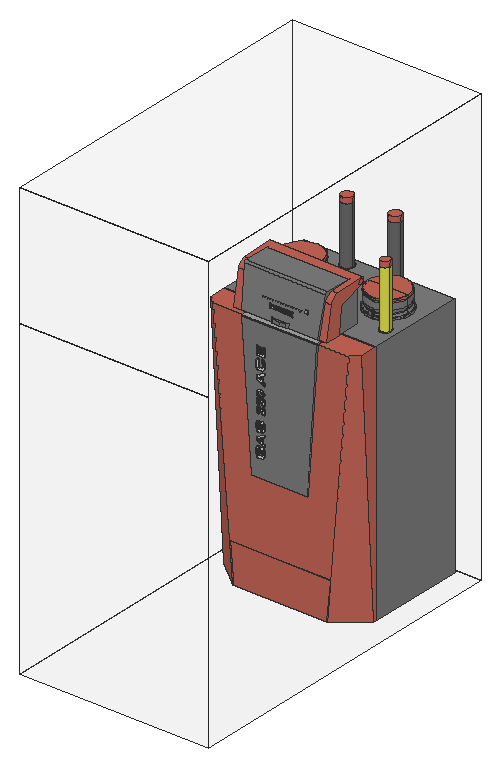
Revit family "Gas Ace 220_300_LOD-5", category Mechanical Equipment, Revit 2015
Parameters (values of type "300")
  Weekly = "0"
  Water Treatment Required = yes
  Water Content = 33.0 L
  Warranty ID = ""
  Voltage = 230 V
  Uniclass2015 = "Pr_60_60_08"
  URL = ""
  Type = "Space heating"
  Turndown Ratio = "4.8:1"
  Supply Phase = 1
  Starting Current = 0 A
  Sound Pressure Level = "63.8 dBA"
  Shipping Weight = 275.00 kg
  Shape = "Rectangular (Vertical)"
  Safety Valve Connection Type = "Unset"
  Safety Valve Connection Size = 0.00 mm
  Responsible Sourcing of Materials = "N/A"
  Responsible Extraction of Materials = "N/A"
  Reference Standard = "GAD 2009/142/EC BED 92/42/EEC EMC 2014/30/EU LVD 2014/35/EU ErP 2009/125/EC"
  Rated Output = 290900 W
  Rated Criteria = "80/60"
  Quarterly = "0"
  Product Range = "Gas 220 - 300"
  Product Model Number = "Not Available"
  Product Literature = "https://www.remeha.co.uk/-/media/Themes/RemehaUK/Documents/Current/Specification-guides/gas-220-ace-specification-guide.pdf"
  Primary Fuel = "Gas - NG"
  Overall Width = 800.00 mm
  Overall Length = 657.00 mm
  Overall Height = 1662.00 mm
  Optional Fuel = "Gas - LPG"
  Operation and Maintenance Manual = "https://www.remeha.co.uk/en/Products/Floor-Standing-Range/Gas-220-Ace"
  Oil Consumption rate = 0
  Nominal Oil Inlet Pressure = 0.000 bar
  Nominal Gas Inlet Pressure = 0.020 bar
  NOx Emissions = "35 mg/kWh"
  Mounting = "Floor Standing"
  Monthly = "0"
  Model = ""
  Minimum Power Consumption = 9 W
  Minimum Operating Pressure = 0.800 bar
  Minimum Oil Inlet Pressure = 0.000 bar
  Minimum Gas Inlet Pressure = 0.017 bar
  Minimum Flow Rate at 20C temperature differential = 3.48 L/s
  Minimum Flow Rate at 11C temperature differential = 0.0 L/s
  Maximum Power Consumption = 343 W
  Maximum Operating Pressure = 5.000 bar
  Maximum Oil Inlet Pressure = 0.000 bar
  Maximum Gas Inlet Pressure = 0.025 bar
  Material Ingredient Reporting = "N/A"
  Manufacturer Website = "https://www.remeha.co.uk/"
  Manufacturer = "Remeha Commercial"
  Maintenance Required 8001 to 12000hrs = "0"
  Maintenance Required 601 to 1000hrs = "0"
  Maintenance Required 4001 to 8000hrs = "0"
  Maintenance Required 301 to 600hrs = "0"
  Maintenance Required 2001 to 4000hrs = "0"
  Maintenance Required 1001 to 2000hrs = "0"
  Maintenance Required 0 to 300hrs = "0"
  Location of Manufacturer = "N/A"
  Life Cycle Analysis = "N/A"
  Interlocks = yes
  IfcExportType = "NOTDEFINED"  # constant formula
  IfcExportAs = "IfcBoilerType"  # constant formula
  IP Rating = "IPX1B"
  IK Rating = "0"
  Hydraulic Resistance at 20C temperature differential = 0.200 bar
  Hydraulic Resistance at 11C temperature differential = 0.000 bar
  Heater Operation = "Condensing"
  Heat Exchanger Material = "Aluminium"
  Gross Weight = 278.00 kg
  Green Guide for Specification = "N/A"
  Gas Consumption rate = "31.6 m3/h"
  Fuse Rating = 6.3 A
  Full Load Current = 0 A
  Fuel Connection Type = "Threaded"
  Fuel Connection Size = 38.10 mm
  Frequency = 50 Hz
  Flue or Air Intake Classification = "B23p,B33, C33, C43, C53, C63, C83, C89"
  Flue Connection size = 200.00 mm
  Flow and Return Connection Type = "Threaded"
  Flow and Return Connection Size = 50.80 mm
  Finish = "High Polish Gardner 60 GRAD 91EH"
  Features = "Remeha's Gas 220 Ace  is a compact high efficiency floor standing condensing boiler. The compact design make this boiler ideally suited to modular arrangements"
  External Material = "Steel"
  Expected Life = "15"
  ErP Seasonal Efficiency = "0 %"
  ErP Rated Efficiency at Part Load = "97.7 %"
  ErP Rated Efficiency at Full Load = "87.7 %"
  ErP Energy Label = "0"
  Environmental Product Declaration = "N/A"
  Energy Technology List = "0"
  Embodied Carbon = "N/A"
  Drain Connection Type = "Threaded"
  Drain Connection Size = 19.05 mm
  Description = ""
  Daily = "0"
  Control Type = "0 - 10V, Open Therm, Volt free enable, Direct boiler weather compensating control systems available from Remeha as optional extra's."
  Configuration = "Single boiler"
  Condensate Drain Type = "Plain"
  Condensate Drain Size = 40.00 mm
  Colour = "RAL 2002 Red RAL 7016 Dark Grey"
  Clearance Box Visibility [instance] = yes
  Classification.Uniclass.Pr.Number [instance] = "Pr_60_60_08_34"
  Classification.Uniclass.Pr.Description [instance] = "Gas fired Condensing Boilers"
  CE Mark = "0063CQ3781"
  Burner Control Type = "Modulating"
  Building Regulations Seasonal Efficiency = "95.80 %"
  Bespoke Timeframe = "0"
  BMS Links = yes
  Annually = "0"
  Air Inlet Connection Size = 200.00 mm
  Additional Technical Details = "https://www.remeha.co.uk/-/media/Themes/RemehaUK/Documents/Current/Technical-sheets/gas-220-ace-160-300-kw-technical-sheet.pdf"
  Access Clearance Top = 650.00 mm
  Access Clearance Right = 100.00 mm
  Access Clearance Rear = 50.00 mm
  Access Clearance Left = 100.00 mm
  Access Clearance Front = 1100.00 mm
  Access Clearance Bottom = 0.00 mm
  6 Monthly = "0"
Reference planes
  plane 1 "Center (Front/Back)": y = 0
  plane 2: z = 0
  plane 3 "Center (Left/Right)": x = 0
  plane 4: y = -657
  plane 5: x = -400
  plane 6: x = 400
  plane 7: z = 1329
  plane 8: z = 1662
  plane 9: z = 29
  plane 10: y = -231
  plane 11: y = -383
  plane 12: x = 229
  plane 13: x = -229
  plane 14: x = -329
  plane 15: y = -331.3
  plane 16: x = 329
  plane 17: y = -331.3
  plane 18: x = 338
  plane 19: x = 128
  plane 20: x = -128
  plane 21: x = -338
  plane 22: y = -56
  plane 23: z = 1637
  plane 24: z = 1330
  plane 25: z = 1582.574
  plane 26: y = -419.302
  plane 27: x = -246.5
  plane 28: x = 246.5
  plane 29: x = -216.5
  plane 30: x = 216.5
  plane 31: z = 1352.534
  plane 32: z = 991.968
  plane 33: x = -101.602
  plane 34: x = -247.5
  plane 35: z = 55
  plane 36: z = 55
  plane 37: x = -129
  plane 38: x = 129
  plane 39: x = -309.433
  plane 40: z = 84
  plane 41 "Drain": x = -280
  plane 42: y = 50
Forms (mm)
  Extrusion 1, solid, material "Color RGB 190-040-018"
    sketch origin (0, 0, 0) x (1, 0, 0) y (0, 0, 1)
      loop
        line (-400, 1329) -> (-400, 29) -> (400, 29) -> (400, 1329) -> (-400, 1329)
    from 526.39 to 657
  Blend 2, void
    base sketch origin (0, 0, 0) x (1, 0, 0) y (0, 1, 0)
      loop
        line (-400, -657) -> (-250, -657) -> (-400, -535.532) -> (-400, -657)
    top sketch origin (0, 0, 0) x (1, 0, 0) y (0, 1, 0)
      loop
        line (-400, -657) -> (-360, -657) -> (-400, -617) -> (-400, -657)
    from 29 to 1329
  Blend 3, void
    base sketch origin (0, 0, 0) x (-1, 0, 0) y (0, -1, 0)
      loop
        line (-400, 657) -> (-400, 535.532) -> (-250, 657) -> (-400, 657)
    top sketch origin (0, 0, 0) x (-1, 0, 0) y (0, -1, 0)
      loop
        line (-400, 657) -> (-400, 617) -> (-360, 657) -> (-400, 657)
    from 29 to 1329
  Extrusion 4, void
    sketch origin (0, 0, 0) x (1, 0, 0) y (0, 0, 1)
      loop
        line (-267.325, 233.746) -> (-250.014, 29.169) -> (-248.007, 29.169) -> (-265.148, 231.746) -> (265.148, 231.746) -> (247.993, 29) -> (250, 29) -> (267.325, 233.746) -> (-267.325, 233.746)
    from 634.523 to 657
  Extrusion 5, solid, material "Color RGB 080-080-080"
    sketch origin (0, 0, 0) x (1, 0, 0) y (0, 1, 0)
      loop
        line (-400, 0) -> (-400, -526.39) -> (400, -526.39) -> (400, 0) -> (-400, 0)
    from 200.499 to 1329
  Extrusion 6, solid, material "Color RGB 080-080-080"
    sketch origin (0, 0, 0) x (1, 0, 0) y (0, 0, 1)
      loop
        line (198.921, 1329) -> (0, 1329) -> (-198.921, 1329) -> (-147.301, 590.803) -> (147.301, 590.803) -> (198.921, 1329)
      loop
        arc (-93.982, 684.046) -> (-85.29, 687.232) -> (-80.717, 695.281) r 13.448
        line (-80.717, 695.281) -> (-80.115, 698.888) -> (-80, 702.988) -> (-80, 728.206)
        arc (-80, 728.206) -> (-83.13, 735.762) -> (-90.686, 738.892) r 10.686
        line (-90.686, 738.892) -> (-94.011, 738.892) -> (-104.813, 738.892) -> (-104.813, 709.936) -> (-96.035, 709.936) -> (-96.035, 725.984)
        arc (-96.035, 725.984) -> (-91.935, 724.658) -> (-90.181, 720.722) r 5.292
        line (-90.181, 720.722) -> (-90.181, 703.318)
        arc (-90.181, 703.318) -> (-91.955, 699.033) -> (-96.24, 697.258) r 6.059
        line (-96.24, 697.258) -> (-107.064, 697.258)
        arc (-107.064, 697.258) -> (-111.348, 699.033) -> (-113.123, 703.318) r 6.059
        line (-113.123, 703.318) -> (-113.123, 723.353)
        arc (-113.123, 723.353) -> (-111.339, 725.862) -> (-108.384, 724.999) r 2.655
        line (-108.384, 724.999) -> (-108.384, 738.658) -> (-112.644, 738.658)
        arc (-112.644, 738.658) -> (-120.184, 735.535) -> (-123.308, 727.994) r 10.664
        line (-123.308, 727.994) -> (-123.308, 702.694) -> (-123.034, 696.854)
        arc (-123.034, 696.854) -> (-118.872, 687.729) -> (-109.561, 684) r 13.487
        line (-109.561, 684) -> (-93.982, 684.046)
      loop
        line (-80.468, 742.529) -> (-80.468, 756.952) -> (-87.959, 760.736) -> (-87.959, 786.898) -> (-80.467, 790.911) -> (-80.467, 805.276) -> (-122.84, 782.129) -> (-122.84, 765.321) -> (-80.468, 742.529)
      loop
        line (-97.087, 782.07) -> (-113.006, 773.698) -> (-97.087, 765.559) -> (-97.087, 782.07)
      loop
        line (-94.335, 821.996) -> (-94.335, 809.423)
        arc (-94.335, 809.423) -> (-90.484, 808.619) -> (-86.694, 809.672) r 8.335
        line (-86.694, 809.672) -> (-83.423, 811.497) -> (-81.369, 814.676) -> (-80.304, 819.321) -> (-79.999, 825.545) -> (-79.999, 841.184) -> (-80.285, 849.955)
        arc (-80.285, 849.955) -> (-93.422, 863.092) -> (-106.559, 849.955) r 13.137
        line (-106.559, 849.955) -> (-106.8, 837.459) -> (-106.813, 830.544) -> (-107.046, 825.766)
        arc (-107.046, 825.766) -> (-110.321, 822.155) -> (-113.824, 825.546) r 3.393
        line (-113.824, 825.546) -> (-113.824, 843.718)
        arc (-113.824, 843.718) -> (-112.498, 846.623) -> (-109.435, 847.527) r 3.848
        line (-109.435, 847.527) -> (-109.435, 860.166)
        arc (-109.435, 860.166) -> (-112.188, 860.623) -> (-114.94, 860.166) r 8.532
        line (-114.94, 860.166) -> (-118.403, 858.986) -> (-121.04, 856.31) -> (-122.718, 851.557) -> (-123.307, 844.149) -> (-123.307, 826.126) -> (-122.632, 818.108)
        arc (-122.632, 818.108) -> (-110.144, 808.063) -> (-97.656, 818.108) r 12.785
        line (-97.656, 818.108) -> (-96.97, 830.778) -> (-96.916, 839.051) -> (-96.652, 844.348)
        arc (-96.652, 844.348) -> (-93.065, 847.935) -> (-89.479, 844.348) r 3.587
        line (-89.479, 844.348) -> (-89.479, 827.579)
        arc (-89.479, 827.579) -> (-90.863, 823.879) -> (-94.335, 821.996) r 5.637
      loop
        line (-80.467, 894.562) -> (-80.467, 928.774) -> (-90.101, 928.774) -> (-90.101, 911.338) -> (-95.872, 918.465) -> (-102.827, 925.924)
        arc (-102.827, 925.924) -> (-113.845, 928.876) -> (-121.328, 920.268) r 10.762
        arc (-121.328, 920.268) -> (-121.467, 910.072) -> (-118.715, 900.253) r 35.665
        arc (-118.715, 900.253) -> (-117.686, 898.792) -> (-116.174, 897.837) r 4.57
        line (-116.174, 897.837) -> (-109.842, 895.405) -> (-109.842, 907.63)
        arc (-109.842, 907.63) -> (-114.48, 914.715) -> (-106.118, 916.051) r 5.045
        line (-106.118, 916.051) -> (-90.101, 898.262) -> (-80.467, 894.562)
      loop
        line (-109.842, 936.604) -> (-109.842, 948.83)
        arc (-109.842, 948.83) -> (-114.48, 955.915) -> (-106.118, 957.25) r 5.045
        line (-106.118, 957.25) -> (-90.101, 939.461) -> (-80.467, 935.761) -> (-80.467, 969.974) -> (-90.101, 969.974) -> (-90.101, 952.537) -> (-95.872, 959.664) -> (-102.827, 967.123)
        arc (-102.827, 967.123) -> (-113.845, 970.075) -> (-121.328, 961.467) r 10.762
        arc (-121.328, 961.467) -> (-121.467, 951.271) -> (-118.715, 941.452) r 35.665
        arc (-118.715, 941.452) -> (-117.686, 939.991) -> (-116.174, 939.036) r 4.57
        line (-116.174, 939.036) -> (-109.842, 936.604)
      loop
        spline (-123.206, 991.968) -> (-122.47, 987.662) -> (-120.312, 983.65) -> (-116.879, 980.204) -> (-112.404, 977.56) -> (-107.194, 975.898) -> (-101.602, 975.332) -> (-96.011, 975.898) -> (-90.8, 977.56) -> (-86.326, 980.204) -> (-82.892, 983.65) -> (-80.734, 987.662) -> (-79.998, 991.968)
        spline (-79.998, 991.968) -> (-80.734, 996.274) -> (-82.892, 1000.287) -> (-86.326, 1003.732) -> (-90.8, 1006.376) -> (-96.011, 1008.038) -> (-101.602, 1008.605) -> (-107.194, 1008.038) -> (-112.404, 1006.376) -> (-116.879, 1003.732) -> (-120.312, 1000.287) -> (-122.47, 996.274) -> (-123.206, 991.968)
      loop
        line (-122.84, 1057.204) -> (-80.468, 1034.412) -> (-80.468, 1048.836) -> (-87.959, 1052.619) -> (-87.959, 1078.781) -> (-80.467, 1082.794) -> (-80.467, 1097.159) -> (-122.84, 1074.012) -> (-122.84, 1057.204)
      loop
        line (-97.087, 1073.954) -> (-113.006, 1065.581) -> (-97.087, 1057.442) -> (-97.087, 1073.954)
      loop
        line (-90.88, 1138.913) -> (-90.88, 1121.46)
        arc (-90.88, 1121.46) -> (-92.655, 1117.175) -> (-96.939, 1115.401) r 6.059
        line (-96.939, 1115.401) -> (-106.36, 1115.401)
        arc (-106.36, 1115.401) -> (-110.645, 1117.175) -> (-112.419, 1121.46) r 6.059
        line (-112.419, 1121.46) -> (-112.419, 1138.573)
        arc (-112.419, 1138.573) -> (-110.945, 1142.131) -> (-107.387, 1143.605) r 5.032
        line (-107.387, 1143.605) -> (-107.387, 1156.379) -> (-111.187, 1156.379)
        arc (-111.187, 1156.379) -> (-119.756, 1152.83) -> (-123.306, 1144.261) r 12.118
        line (-123.306, 1144.261) -> (-123.306, 1114.265)
        arc (-123.306, 1114.265) -> (-119.757, 1105.696) -> (-111.187, 1102.146) r 12.118
        line (-111.187, 1102.146) -> (-92.116, 1102.146)
        arc (-92.116, 1102.146) -> (-83.547, 1105.696) -> (-79.998, 1114.265) r 12.118
        line (-79.998, 1114.265) -> (-79.998, 1144.92)
        arc (-79.998, 1144.92) -> (-83.547, 1153.489) -> (-92.116, 1157.038) r 12.118
        line (-92.116, 1157.038) -> (-96.735, 1157.038) -> (-96.735, 1144.26)
        arc (-96.735, 1144.26) -> (-92.629, 1142.878) -> (-90.88, 1138.913) r 5.369
      loop
        line (-80.466, 1168.716) -> (-80.466, 1215.523) -> (-90.646, 1215.523) -> (-90.647, 1181.624) -> (-97.313, 1181.624) -> (-97.313, 1213.022) -> (-106.214, 1213.022) -> (-106.214, 1181.624) -> (-113.004, 1181.624) -> (-113.004, 1214.617) -> (-122.838, 1214.617) -> (-122.838, 1168.716) -> (-80.466, 1168.716)
      loop
        spline (-115.232, 991.968) -> (-114.767, 990.266) -> (-113.406, 988.68) -> (-111.24, 987.318) -> (-108.417, 986.273) -> (-105.13, 985.616) -> (-101.602, 985.392) -> (-98.074, 985.616) -> (-94.787, 986.273) -> (-91.964, 987.318) -> (-89.798, 988.68) -> (-88.437, 990.266) -> (-87.972, 991.968)
        spline (-87.972, 991.968) -> (-88.437, 993.67) -> (-89.798, 995.257) -> (-91.964, 996.619) -> (-94.787, 997.664) -> (-98.074, 998.321) -> (-101.602, 998.545) -> (-105.13, 998.321) -> (-108.417, 997.664) -> (-111.24, 996.619) -> (-113.406, 995.257) -> (-114.767, 993.67) -> (-115.232, 991.968)
    from 657 to 662.984
  Extrusion 7, solid, material "Color RGB 045-045-045"
    sketch origin (0, 0, 1.875) x (1, 0, 0) y (0, 0, 1)
      loop
        circle (-335.233, 53.125) r 55
      loop
        circle (335.233, 53.125) r 55
    from 17.956 to 37.042
  Extrusion 8, solid, material "Color RGB 045-045-045"
    sketch origin (0, -477.306, 2.5) x (1, 0, 0) y (0, 0, 1)
      loop
        circle (-335.233, 52.5) r 55
      loop
        circle (335.233, 52.5) r 55
    from 17.956 to 37.042
  Extrusion 9, solid, material "Color RGB 080-080-080"
    sketch origin (206, 0, 253.323) x (1, 0, 0) y (0, 0, 1)
      loop
        circle (-435, 1100.199) r 10
    from 339.191 to 346.3
  Revolve 10, solid, material "Color RGB 080-080-080"
    sketch origin (-859.279, -231, 1200) x (-1, 0, 0) y (0, 0, 1)
      loop
        line (-516.139, 129) -> (-516.139, 137)
        arc (-516.139, 137) -> (-516.725, 138.414) -> (-518.139, 139) r 2
        line (-518.139, 139) -> (-520.639, 139)
        arc (-520.639, 139) -> (-520.992, 139.146) -> (-521.139, 139.5) r 0.5
        line (-521.139, 139.5) -> (-528.152, 151.647) -> (-528.152, 156.647) -> (-524.831, 173.167) -> (-524.831, 218.392) -> (-530.279, 218.392) -> (-530.279, 129) -> (-516.139, 129)
      axis (-630.279, 129) -> (-630.279, 218.392)
    angle from 0 to 360
  Extrusion 11, solid, material "Color RGB 080-080-080"
    sketch origin (206, -125, 1328.323) x (0, 0, 1) y (-1, 0, 0)
      loop
        circle (25.199, 435) r 10
      loop
        circle (25.199, 435) r 12
    from 214.191 to 206.3
  Revolve 12, solid, material "Color RGB 080-080-080"
    sketch origin (859.279, -231, 1200) x (1, 0, 0) y (0, 0, -1)
      loop
        line (-516.139, -129) -> (-530.279, -129) -> (-530.279, -218.392) -> (-524.831, -218.392) -> (-524.831, -173.167) -> (-528.152, -156.647) -> (-528.152, -151.647) -> (-521.139, -139.5)
        arc (-521.139, -139.5) -> (-520.992, -139.146) -> (-520.639, -139) r 0.5
        line (-520.639, -139) -> (-518.139, -139)
        arc (-518.139, -139) -> (-516.725, -138.414) -> (-516.139, -137) r 2
        line (-516.139, -137) -> (-516.139, -129)
      axis (-630.279, -129) -> (-630.279, -218.392)
    angle from 0 to 360
  Extrusion 13, solid, material "Color RGB 080-080-080"
    sketch origin (-206, 0, 253.323) x (-1, 0, 0) y (0, 0, -1)
      loop
        circle (-435, -1100.199) r 10
    from 339.191 to 346.3
  Extrusion 14, solid, material "Color RGB 080-080-080"
    sketch origin (-206, -125, 1328.323) x (0, 0, 1) y (-1, 0, 0)
      loop
        circle (25.199, -435) r 10
      loop
        circle (25.199, -435) r 12
    from 214.191 to 206.3
  Extrusion 15, solid, material "Color RGB 045-045-045"
    sketch origin (0, 0, 0) x (1, 0, 0) y (0, 1, 0)
      loop
        circle (128, -56) r 30.15
      loop
        circle (-128, -56) r 30.15
    from 1330 to 1637
  Extrusion 16, solid, material "Color RGB 190-040-018"
    sketch origin (0, 0, 0) x (1, 0, 0) y (0, 1, 0)
      loop
        circle (-128, -56) r 30.15
      loop
        circle (128, -56) r 30.15
    from 1637 to 1662
  Extrusion 17, solid, material "Color RGB 235-235-000"
    sketch origin (0, 0, 0) x (1, 0, 0) y (0, 1, 0)
      loop
        circle (338, -383) r 24.15
    from 1330 to 1637
  Extrusion 18, solid, material "Color RGB 190-040-018"
    sketch origin (0, 0, 0) x (1, 0, 0) y (0, 1, 0)
      loop
        circle (338, -383) r 24.15
    from 1637 to 1662
  Revolve 19, solid, material "Color RGB 190-040-018"
    sketch origin (-859.279, -231, 1200) x (-1, 0, 0) y (0, 0, 1)
      loop
        line (-630.279, 224) -> (-734.758, 224) -> (-735.947, 222.811) -> (-735.947, 212.317) -> (-737.327, 212.317) -> (-737.327, 210.921) -> (-630.279, 210.921) -> (-630.279, 224)
      axis (-630.279, 224) -> (-630.279, 210.921)
    angle from 0 to 360
  Extrusion 20, solid, material "Color RGB 080-080-080"
    sketch origin (0, 0, 0) x (0, 1, 0) y (0, 0, 1)
      loop
        line (-419.302, 1329) -> (-419.302, 1535.857) -> (-554.708, 1491.861)
        arc (-554.708, 1491.861) -> (-561.232, 1486.989) -> (-564.25, 1479.426) r 15
        line (-564.25, 1479.426) -> (-580.06, 1329) -> (-419.302, 1329)
    from -216.5 to 216.5
  Extrusion 21, solid, material "Color RGB 190-040-018"
    sketch origin (0, 0, 0) x (0, 1, 0) y (0, 0, 1)
      loop
        line (-419.302, 1564) -> (-582.762, 1558.292)
        arc (-582.762, 1558.292) -> (-610.714, 1547.281) -> (-625.508, 1521.133) r 45
        line (-625.508, 1521.133) -> (-655.237, 1352.534) -> (-577.587, 1352.534) -> (-564.25, 1479.426)
        arc (-564.25, 1479.426) -> (-561.232, 1486.989) -> (-554.708, 1491.861) r 15
        line (-554.708, 1491.861) -> (-419.302, 1535.857) -> (-419.302, 1564)
    from -246.5 to 246.5
  Extrusion 22, solid, material "Color RGB 080-080-080"
    sketch origin (0, 0, 0) x (0, 1, 0) y (0, 0, 1)
      loop
        line (-469.298, 1562.254) -> (-614.529, 1566.15)
        arc (-614.529, 1566.15) -> (-621.245, 1563.858) -> (-624.835, 1557.735) r 10.188
        line (-624.835, 1557.735) -> (-661.018, 1352.534) -> (-655.237, 1352.534) -> (-625.508, 1521.133)
        arc (-625.508, 1521.133) -> (-610.714, 1547.281) -> (-582.762, 1558.292) r 45
        line (-582.762, 1558.292) -> (-469.298, 1562.254)
    from -249 to 250
  Extrusion 23, void
    sketch origin (0, 0, 0) x (1, 0, 0) y (0, 0, 1)
      loop
        line (215.787, 1570.194) -> (198.921, 1329) -> (273.958, 1329) -> (273.958, 1570.194) -> (215.787, 1570.194)
      loop
        line (-215.787, 1570.194) -> (-273.958, 1570.194) -> (-273.958, 1329) -> (-198.921, 1329) -> (-215.787, 1570.194)
    from 419.302 to 676.602
  Extrusion 24, void
    sketch origin (0, 0, -25) x (1, 0, 0) y (0, 0, 1)
      loop
        line (-102.145, 1475.281) -> (-102.145, 1470.281) -> (102.145, 1470.281) -> (102.145, 1475.281) -> (-102.145, 1475.281)
    from 644.188 to 677.689
  Extrusion 25, solid, material "Color RGB 080-080-080"
    sketch origin (0, 0.625, 0) x (1, 0, 0) y (0, 1, 0)
      loop
        line (0, -657.625) -> (-45.359, -657.625) -> (-36.015, -666.969)
        arc (-36.015, -666.969) -> (-35.366, -667.402) -> (-34.601, -667.555) r 2
        line (-34.601, -667.555) -> (0, -667.555) -> (34.601, -667.555)
        arc (34.601, -667.555) -> (35.366, -667.402) -> (36.015, -666.969) r 2
        line (36.015, -666.969) -> (45.359, -657.625) -> (0, -657.625)
    from 1373.167 to 1352.534
  Extrusion 26, solid, material "Color RGB 235-235-235"
    sketch origin (-44.085, -9.833, 1305.622) x (1, 0, 0) y (0, 0.156434, 0.987688)
      loop
        line (-15.915, 23.933) -> (-15.915, 21.574) -> (100.023, 21.574) -> (100.023, 23.933) -> (-15.915, 23.933)
      loop
        line (-15.915, 2.368) -> (-15.915, 0) -> (100.023, 0) -> (100.023, 2.368) -> (-15.915, 2.368)
      loop
        line (-7.55, 16.548) -> (-7.55, 7.385) -> (0.456, 7.385) -> (0.456, 16.548) -> (-7.55, 16.548)
      loop
        line (-10.633, 19.602) -> (-10.633, 4.34) -> (3.539, 4.34) -> (3.539, 10.445) -> (6.606, 10.445)
        arc (6.606, 10.445) -> (8.137, 9.954) -> (9.096, 8.664) r 2.632
        line (9.096, 8.664) -> (10.573, 4.34) -> (14.226, 4.331) -> (12.014, 9.646)
        arc (12.014, 9.646) -> (11.484, 10.708) -> (10.812, 11.686) r 8.599
        arc (10.812, 11.686) -> (13.696, 16.127) -> (9.7, 19.602) r 4.036
        line (9.7, 19.602) -> (-10.633, 19.602)
      loop
        line (3.539, 16.548) -> (3.539, 13.489) -> (8.986, 13.489)
        arc (8.986, 13.489) -> (10.516, 15.019) -> (8.986, 16.548) r 1.529
        line (8.986, 16.548) -> (3.539, 16.548)
      loop
        line (24.358, 15.212) -> (24.358, 4.335) -> (27.412, 4.335) -> (27.412, 9.994)
        arc (27.412, 9.994) -> (28.404, 12.196) -> (30.711, 12.913) r 2.94
        line (30.711, 12.913) -> (30.711, 15.47)
        arc (30.711, 15.47) -> (28.818, 15.212) -> (27.282, 14.076) r 3.85
        line (27.282, 14.076) -> (27.282, 15.212) -> (24.358, 15.212)
      loop
        arc (39.556, 11.064) -> (37.154, 12.927) -> (34.752, 11.064) r 2.48
        line (34.752, 11.064) -> (39.556, 11.064)
      loop
        line (34.639, 9.003) -> (42.683, 9.003)
        arc (42.683, 9.003) -> (37.246, 15.375) -> (31.809, 9.003) r 5.506
        arc (31.809, 9.003) -> (36.775, 4.075) -> (42.683, 7.823) r 5.609
        line (42.683, 7.823) -> (39.475, 7.823)
        arc (39.475, 7.823) -> (36.614, 6.602) -> (34.639, 9.003) r 2.594
      loop
        line (44.304, 4.337) -> (47.307, 4.337) -> (47.307, 10.965)
        arc (47.307, 10.965) -> (49.045, 12.703) -> (50.783, 10.965) r 1.738
        line (50.783, 10.965) -> (50.783, 4.324) -> (53.824, 4.324) -> (53.824, 10.85)
        arc (53.824, 10.85) -> (55.606, 12.632) -> (57.388, 10.85) r 1.782
        line (57.388, 10.85) -> (57.388, 4.324) -> (60.429, 4.324) -> (60.429, 11.851)
        arc (60.429, 11.851) -> (57.692, 15.455) -> (53.486, 13.787) r 3.741
        arc (53.486, 13.787) -> (50.43, 15.415) -> (47.177, 14.228) r 4.249
        line (47.177, 14.228) -> (47.177, 15.214) -> (44.304, 15.214) -> (44.304, 4.337)
      loop
        arc (69.683, 11.064) -> (67.281, 12.927) -> (64.88, 11.064) r 2.48
        line (64.88, 11.064) -> (69.683, 11.064)
      loop
        line (64.766, 9.003) -> (72.81, 9.003)
        arc (72.81, 9.003) -> (67.373, 15.375) -> (61.936, 9.003) r 5.506
        arc (61.936, 9.003) -> (66.902, 4.075) -> (72.81, 7.823) r 5.609
        line (72.81, 7.823) -> (69.602, 7.823)
        arc (69.602, 7.823) -> (66.742, 6.602) -> (64.766, 9.003) r 2.594
      loop
        line (74.422, 4.337) -> (77.462, 4.337) -> (77.462, 10.464)
        arc (77.462, 10.464) -> (79.208, 12.386) -> (81.287, 10.832) r 1.93
        line (81.287, 10.832) -> (81.287, 4.337) -> (84.328, 4.337) -> (84.328, 11.653)
        arc (84.328, 11.653) -> (81.802, 15.331) -> (77.462, 14.296) r 3.942
        line (77.462, 14.296) -> (77.462, 19.383) -> (74.422, 19.383) -> (74.422, 4.337)
      loop
        arc (95.784, 12.354) -> (95.16, 13.909) -> (93.822, 14.918) r 3.124
        arc (93.822, 14.918) -> (92.796, 15.2) -> (91.745, 15.359) r 9.034
        arc (91.745, 15.359) -> (90.692, 15.424) -> (89.639, 15.359) r 8.608
        arc (89.639, 15.359) -> (88.55, 15.088) -> (87.559, 14.561) r 4.613
        arc (87.559, 14.561) -> (87.064, 14.061) -> (86.663, 13.482) r 4.017
        arc (86.663, 13.482) -> (86.273, 12.61) -> (86.012, 11.691) r 6.705
        line (86.012, 11.691) -> (88.975, 11.7)
        arc (88.975, 11.7) -> (89.323, 12.453) -> (90.004, 12.927) r 1.58
        arc (90.004, 12.927) -> (90.999, 13.122) -> (92.008, 13.022) r 3.46
        arc (92.008, 13.022) -> (92.743, 12.024) -> (91.907, 11.11) r 0.975
        line (91.907, 11.11) -> (89.009, 10.699)
        arc (89.009, 10.699) -> (86.71, 9.449) -> (85.792, 6.999) r 3.742
        arc (85.792, 6.999) -> (86.094, 5.779) -> (86.932, 4.842) r 2.605
        arc (86.932, 4.842) -> (89.985, 4.17) -> (92.914, 5.26) r 5.532
        line (92.914, 5.26) -> (93.178, 4.346) -> (96.197, 4.346) -> (95.784, 6.47) -> (95.784, 12.354)
      loop
        line (92.845, 9.629) -> (89.315, 8.609)
        arc (89.315, 8.609) -> (88.866, 7.99) -> (88.785, 7.229) r 1.489
        arc (88.785, 7.229) -> (89.225, 6.447) -> (90.072, 6.149) r 1.274
        arc (90.072, 6.149) -> (90.865, 6.342) -> (91.638, 6.602) r 9.564
        arc (91.638, 6.602) -> (92.433, 7.212) -> (92.768, 8.157) r 1.764
        line (92.768, 8.157) -> (92.845, 9.629)
    from 644.727 to 648.528
  Extrusion 27, solid, material "Color RGB 235-235-235"
    sketch origin (140.559, 4.633, 757.153) x (0, 0, 1) y (-1, 0, 0)
      loop
        arc (-73.153, 234.541) -> (-69.921, 225.849) -> (-61.872, 221.276) r 13.448
        line (-61.872, 221.276) -> (-58.265, 220.674) -> (-54.165, 220.559) -> (-28.947, 220.559)
        arc (-28.947, 220.559) -> (-21.391, 223.689) -> (-18.261, 231.245) r 10.686
        line (-18.261, 231.245) -> (-18.261, 234.57) -> (-18.261, 245.372) -> (-47.216, 245.372) -> (-47.216, 236.595) -> (-31.169, 236.594)
        arc (-31.169, 236.594) -> (-32.495, 232.494) -> (-36.431, 230.74) r 5.292
        line (-36.431, 230.74) -> (-53.835, 230.74)
        arc (-53.835, 230.74) -> (-58.12, 232.515) -> (-59.894, 236.799) r 6.059
        line (-59.894, 236.799) -> (-59.894, 247.623)
        arc (-59.894, 247.623) -> (-58.12, 251.907) -> (-53.835, 253.682) r 6.059
        line (-53.835, 253.682) -> (-33.8, 253.682)
        arc (-33.8, 253.682) -> (-31.291, 251.898) -> (-32.154, 248.943) r 2.655
        line (-32.154, 248.943) -> (-18.495, 248.943) -> (-18.495, 253.203)
        arc (-18.495, 253.203) -> (-21.618, 260.743) -> (-29.159, 263.867) r 10.664
        line (-29.159, 263.867) -> (-54.459, 263.867) -> (-60.299, 263.593)
        arc (-60.299, 263.593) -> (-69.424, 259.431) -> (-73.153, 250.12) r 13.487
        line (-73.153, 250.12) -> (-73.153, 234.541)
      loop
        line (-14.624, 221.027) -> (-0.2, 221.027) -> (3.583, 228.518) -> (29.745, 228.518) -> (33.758, 221.026) -> (48.123, 221.026) -> (24.976, 263.399) -> (8.168, 263.399) -> (-14.624, 221.027)
      loop
        line (24.918, 237.646) -> (16.545, 253.565) -> (8.406, 237.646) -> (24.918, 237.646)
      loop
        line (84.031, 220.559) -> (92.802, 220.844)
        arc (92.802, 220.844) -> (105.939, 233.981) -> (92.802, 247.118) r 13.137
        line (92.802, 247.118) -> (80.306, 247.359) -> (73.391, 247.372) -> (68.614, 247.605)
        arc (68.614, 247.605) -> (65.002, 250.88) -> (68.393, 254.383) r 3.393
        line (68.393, 254.383) -> (86.565, 254.383)
        arc (86.565, 254.383) -> (89.471, 253.057) -> (90.374, 249.994) r 3.848
        line (90.374, 249.994) -> (103.013, 249.994)
        arc (103.013, 249.994) -> (103.47, 252.747) -> (103.013, 255.499) r 8.532
        line (103.013, 255.499) -> (101.833, 258.962) -> (99.157, 261.599) -> (94.405, 263.278) -> (86.996, 263.866) -> (68.973, 263.866) -> (60.955, 263.191)
        arc (60.955, 263.191) -> (50.911, 250.703) -> (60.955, 238.215) r 12.785
        line (60.955, 238.215) -> (73.625, 237.529) -> (81.898, 237.475) -> (87.195, 237.211)
        arc (87.195, 237.211) -> (90.782, 233.624) -> (87.195, 230.038) r 3.587
        line (87.195, 230.038) -> (70.426, 230.038)
        arc (70.426, 230.038) -> (66.726, 231.422) -> (64.843, 234.894) r 5.637
        line (64.843, 234.894) -> (52.27, 234.894)
        arc (52.27, 234.894) -> (51.466, 231.043) -> (52.519, 227.253) r 8.335
        line (52.519, 227.253) -> (54.344, 223.983) -> (57.523, 221.929) -> (62.169, 220.863) -> (68.393, 220.559) -> (84.031, 220.559)
      loop
        line (411.563, 263.398) -> (411.563, 221.025) -> (458.37, 221.025) -> (458.37, 231.206) -> (424.471, 231.206) -> (424.471, 237.872) -> (455.869, 237.872) -> (455.869, 246.773) -> (424.471, 246.773) -> (424.471, 253.563) -> (457.464, 253.563) -> (457.464, 263.397) -> (411.563, 263.398)
      loop
        line (138.252, 250.401) -> (150.477, 250.401)
        arc (150.477, 250.401) -> (157.563, 255.04) -> (158.898, 246.677) r 5.045
        line (158.898, 246.677) -> (141.109, 230.66) -> (137.409, 221.026) -> (171.622, 221.026) -> (171.622, 230.66) -> (154.185, 230.66) -> (161.312, 236.431) -> (168.771, 243.386)
        arc (168.771, 243.386) -> (171.723, 254.404) -> (163.115, 261.887) r 10.762
        arc (163.115, 261.887) -> (152.919, 262.026) -> (143.1, 259.274) r 35.665
        arc (143.1, 259.274) -> (141.639, 258.245) -> (140.684, 256.733) r 4.57
        line (140.684, 256.733) -> (138.252, 250.401)
      loop
        line (179.451, 250.401) -> (191.677, 250.401)
        arc (191.677, 250.401) -> (198.762, 255.04) -> (200.097, 246.677) r 5.045
        line (200.097, 246.677) -> (182.308, 230.66) -> (178.608, 221.026) -> (212.821, 221.026) -> (212.821, 230.66) -> (195.384, 230.66) -> (202.511, 236.431) -> (209.97, 243.386)
        arc (209.97, 243.386) -> (212.922, 254.404) -> (204.314, 261.887) r 10.762
        arc (204.314, 261.887) -> (194.118, 262.026) -> (184.3, 259.274) r 35.665
        arc (184.3, 259.274) -> (182.838, 258.245) -> (181.883, 256.733) r 4.57
        line (181.883, 256.733) -> (179.451, 250.401)
      loop
        line (277.259, 221.027) -> (291.683, 221.027) -> (295.466, 228.518) -> (321.628, 228.518) -> (325.641, 221.026) -> (340.006, 221.026) -> (316.859, 263.399) -> (300.052, 263.399) -> (277.259, 221.027)
      loop
        line (316.801, 237.646) -> (308.428, 253.565) -> (300.289, 237.646) -> (316.801, 237.646)
      loop
        arc (357.112, 263.865) -> (348.543, 260.316) -> (344.993, 251.747) r 12.118
        line (344.993, 251.747) -> (344.993, 232.675)
        arc (344.993, 232.675) -> (348.543, 224.106) -> (357.112, 220.557) r 12.118
        line (357.112, 220.557) -> (387.767, 220.557)
        arc (387.767, 220.557) -> (396.336, 224.106) -> (399.885, 232.675) r 12.118
        line (399.885, 232.675) -> (399.885, 237.294) -> (387.107, 237.294)
        arc (387.107, 237.294) -> (385.725, 233.188) -> (381.761, 231.439) r 5.369
        line (381.761, 231.439) -> (364.307, 231.439)
        arc (364.307, 231.439) -> (360.022, 233.214) -> (358.248, 237.498) r 6.059
        line (358.248, 237.498) -> (358.248, 246.919)
        arc (358.248, 246.919) -> (360.023, 251.204) -> (364.307, 252.978) r 6.059
        line (364.307, 252.978) -> (381.42, 252.978)
        arc (381.42, 252.978) -> (384.978, 251.504) -> (386.452, 247.946) r 5.032
        line (386.452, 247.946) -> (399.226, 247.946) -> (399.226, 251.746)
        arc (399.226, 251.746) -> (395.677, 260.315) -> (387.108, 263.865) r 12.118
        line (387.108, 263.865) -> (357.112, 263.865)
      loop
        spline (234.815, 263.765) -> (230.509, 263.029) -> (226.497, 260.871) -> (223.051, 257.438) -> (220.408, 252.963) -> (218.746, 247.753) -> (218.179, 242.161) -> (218.746, 236.57) -> (220.408, 231.359) -> (223.051, 226.885) -> (226.497, 223.451) -> (230.509, 221.293) -> (234.815, 220.557)
        spline (234.815, 220.557) -> (239.121, 221.293) -> (243.134, 223.451) -> (246.579, 226.885) -> (249.223, 231.359) -> (250.885, 236.57) -> (251.452, 242.161) -> (250.885, 247.753) -> (249.223, 252.963) -> (246.579, 257.438) -> (243.134, 260.871) -> (239.121, 263.029) -> (234.815, 263.765)
      loop
        spline (234.815, 228.531) -> (236.518, 228.996) -> (238.104, 230.357) -> (239.466, 232.523) -> (240.511, 235.346) -> (241.168, 238.634) -> (241.392, 242.161) -> (241.168, 245.689) -> (240.511, 248.976) -> (239.466, 251.799) -> (238.104, 253.965) -> (236.518, 255.327) -> (234.815, 255.791)
        spline (234.815, 255.791) -> (233.113, 255.327) -> (231.527, 253.965) -> (230.165, 251.799) -> (229.12, 248.976) -> (228.463, 245.689) -> (228.239, 242.161) -> (228.463, 238.634) -> (229.12, 235.346) -> (230.165, 232.523) -> (231.527, 230.357) -> (233.113, 228.996) -> (234.815, 228.531)
    from 661.633 to 667.616
  Extrusion 28, void
    sketch origin (0, 0, 0) x (0, 1, 0) y (0, 0, 1)
      loop
        line (-644.475, 1432.316) -> (-648.535, 1432.316) -> (-653.164, 1406.064) -> (-648.164, 1406.064) -> (-644.475, 1432.316)
    from -63.024 to 60.504
  Extrusion 29, solid, material "Color RGB 190-040-018"
    sketch origin (0, 0, 0) x (0, 1, 0) y (0, 0, 1)
      loop
        circle (-434.79, 1547.079) r 11.549
    from -246.5 to -247.5
  Extrusion 30, solid, material "Color RGB 190-040-018"
    sketch origin (0, 0, 0) x (0, 1, 0) y (0, 0, -1)
      loop
        circle (-434.79, -1547.079) r 11.549
    from -246.5 to -247.5
  Extrusion 31, solid, material "Color RGB 080-080-080"
    sketch origin (0, 0, 0) x (1, 0, 0) y (0, 0, 1)
      loop
        line (-400, 200.499) -> (-400, 29) -> (-263.142, 29) -> (-263.142, 200.499) -> (-400, 200.499)
      loop
        line (400, 200.499) -> (263.142, 200.499) -> (263.142, 29) -> (400, 29) -> (400, 200.499)
    from 0 to 526.39
  Extrusion 32, void
    sketch origin (0, 0, 0) x (1, 0, 0) y (0, 1, 0)
      loop
        line (-394.57, -492.492) -> (-394.57, -517.492) -> (-276.735, -517.492) -> (-276.735, -492.492) -> (-394.57, -492.492)
      loop
        line (394.57, -492.492) -> (276.735, -492.492) -> (276.735, -517.492) -> (394.57, -517.492) -> (394.57, -492.492)
      loop
        line (-394.57, -15.565) -> (-394.57, -40.565) -> (-276.735, -40.565) -> (-276.735, -15.565) -> (-394.57, -15.565)
      loop
        line (394.57, -15.565) -> (276.735, -15.565) -> (276.735, -40.565) -> (394.57, -40.565) -> (394.57, -15.565)
    from 29 to 116.438
  Extrusion 33, solid, material "Color RGB 045-045-045"
    sketch origin (0, 0, -3.125) x (1, 0, 0) y (0, 0, 1)
      loop
        circle (-338, 60.173) r 20
      loop
        circle (338, 60.173) r 20
    from 15.565 to 40.565
  Extrusion 34, solid, material "Color RGB 045-045-045"
    sketch origin (0, 0, -3.125) x (1, 0, 0) y (0, 0, 1)
      loop
        circle (-338, 60.173) r 20
      loop
        circle (338, 60.173) r 20
    from 492.492 to 517.492
  Extrusion 35, solid, material "Color RGB 045-045-045"
    sketch origin (0, 0, 0) x (1, 0, 0) y (0, 1, 0)
      loop
        circle (-338, -383) r 35.15
      loop
        circle (-338, -383) r 30.15
    from 1329 to 1330
  Revolve 36, solid, material "Color RGB 190-040-018"
    sketch origin (859.279, -231, 1200) x (1, 0, 0) y (0, 0, -1)
      loop
        line (-630.279, -224) -> (-630.279, -210.921) -> (-737.327, -210.921) -> (-737.327, -212.317) -> (-735.947, -212.317) -> (-735.947, -222.811) -> (-734.758, -224) -> (-630.279, -224)
      axis (-630.279, -224) -> (-630.279, -210.921)
    angle from 0 to 360
  Extrusion 37, solid
    sketch origin (0, 0, 0) x (1, 0, 0) y (0, 0, 1)
      loop
        circle (335.233, 55) r 55
      loop
        circle (-335.233, 55) r 55
    from 495.262 to 514.348
  Extrusion 38, solid, material "Color RGB 080-080-080"
    sketch origin (0, 0, 0) x (1, 0, 0) y (0, 1, 0)
      loop
        line (198.921, -662.984) -> (198.921, -554.708) -> (-198.921, -554.708) -> (-198.921, -662.984) -> (198.921, -662.984)
    from 1329 to 1333.315
  Extrusion 39, solid
    sketch origin (0, 0, 0) x (1, 0, 0) y (0, 1, 0)
      loop
        circle (-128, -56) r 35.15
      loop
        circle (-128, -56) r 30.15
      loop
        circle (128, -56) r 35.15
      loop
        circle (128, -56) r 30.15
      loop
        circle (338, -383) r 29.15
      loop
        circle (338, -383) r 24.15
      loop
        circle (-338, -383) r 30.15
      loop
        circle (-338, -383) r 35.15
    from 1329 to 1330
  Extrusion 40, solid
    sketch origin (0, 0, 0) x (0, 1, 0) y (0, 0, 1)
      loop
        line (-564.25, 1479.426) -> (-580.06, 1329) -> (-419.302, 1329) -> (-419.302, 1535.857) -> (-554.708, 1491.861)
        arc (-554.708, 1491.861) -> (-561.232, 1486.989) -> (-564.25, 1479.426) r 15
    from -216.5 to 216.5
  Extrusion 41, solid
    sketch origin (0, 0, 0) x (0, 1, 0) y (0, 0, 1)
      loop
        line (-554.708, 1491.861) -> (-419.302, 1535.857) -> (-419.302, 1564) -> (-582.762, 1558.292)
        arc (-582.762, 1558.292) -> (-610.714, 1547.281) -> (-625.508, 1521.133) r 45
        line (-625.508, 1521.133) -> (-655.237, 1352.534) -> (-577.587, 1352.534) -> (-564.25, 1479.426)
        arc (-564.25, 1479.426) -> (-561.232, 1486.989) -> (-554.708, 1491.861) r 15
    from -246.5 to 246.5
  Extrusion 42, solid
    sketch origin (0, 0, 0) x (1, 0, 0) y (0, 1, 0)
      loop
        line (-198.921, -554.708) -> (-198.921, -662.984) -> (198.921, -662.984) -> (198.921, -554.708) -> (-198.921, -554.708)
    from 1329 to 1333.315
  Extrusion 43, solid
    sketch origin (0, 0, 0) x (1, 0, 0) y (0, 0, 1)
      loop
        circle (335.233, 55) r 55
      loop
        circle (-335.233, 55) r 55
    from 17.956 to 37.042
  Extrusion 44, solid
    sketch origin (0, 0, 0) x (0, 1, 0) y (0, 0, 1)
      loop
        line (-644.838, 1444.292) -> (-639.057, 1444.292) -> (-636.7, 1457.66) -> (-642.481, 1457.66) -> (-644.838, 1444.292)
    from 120.449 to 135.774
  Extrusion 45, solid
    sketch origin (0, 0, 0) x (1, 0, 0) y (0, 0, 1)
      loop
        circle (-280, 84) r 10
    from 0 to 7.025
  Extrusion 46, solid, material "Color RGB 000-000-255"
    sketch origin (0, 0, 0) x (1, 0, 0) y (0, 1, 0)
      loop
        circle (-128, -56) r 35.15
      loop
        circle (-128, -56) r 30.15
    from 1329 to 1330
  Extrusion 47, solid, material "Color RGB 235-235-000"
    sketch origin (0, 0, 0) x (1, 0, 0) y (0, 1, 0)
      loop
        circle (338, -383) r 29.15
      loop
        circle (338, -383) r 24.15
    from 1329 to 1330
  Extrusion 48, solid, material "Color RGB 190-040-018"
    sketch origin (0, 0, 0) x (1, 0, 0) y (0, 1, 0)
      loop
        circle (128, -56) r 35.15
      loop
        circle (128, -56) r 30.15
    from 1329 to 1330
  Extrusion 49, solid, material "Glass - Clear - Amber", visible <- "Clearance Box Visibility"
    sketch origin (0, 0, 0) x (0, 1, 0) y (0, 0, 1)
      loop
        line (50, 2312) -> (-1757, 2312) -> (-1757, 1662) -> (-1757, 0) -> (50, 0) -> (50, 2312)
    from -500 to 500
Cuts and joins
  Blend 2, Blend 3, Extrusion 4 cuts Extrusion 1
  Extrusion 23, Extrusion 24, Extrusion 28 cuts Extrusion 22
  Extrusion 32 cuts Extrusion 5
  Extrusion 32 cuts Extrusion 31
  joined: Extrusion 5, Extrusion 31
  joined: Extrusion 6, Extrusion 38
Dimensions and locks
  equal spacing: plane 5, plane 3 "Center (Left/Right)", plane 6
  plane 4 to plane 1 "Center (Front/Back)" = 657.00 mm
  plane 5 to plane 6 = 800.00 mm
  plane 8 to level = 1662.00 mm  (x2)
  plane 9 to level = 29.00 mm
  locked: plane 10 to plane 1 "Center (Front/Back)" at 231
  locked: plane 11 to plane 1 "Center (Front/Back)" at 383
  locked: plane 12 to plane 6 at 171
  plane 13 to plane 12 = 458.00 mm
  locked: Revolve 10 sketch curve to Revolve 10 sketch curve at 5.447
  locked: Revolve 10 sketch curve to Revolve 10 sketch curve at 2.127  (x2)
  locked: Revolve 10 sketch curve to Revolve 10 sketch curve at 9.14
  locked: Revolve 10 sketch curve to Revolve 10 sketch curve at 14.14
  plane 13 to plane 14 = 100.00 mm
  locked: Extrusion 11 to plane 15 at 7.891
  locked: Extrusion 9 to plane 15 at 15
  plane 10 to plane 15 = 100.30 mm
  locked: Revolve 12 sketch curve to Revolve 12 sketch curve at 5.447
  locked: Revolve 12 sketch curve to Revolve 12 sketch curve at 2.127  (x2)
  locked: Revolve 12 sketch curve to Revolve 12 sketch curve at 9.14
  locked: Revolve 12 sketch curve to Revolve 12 sketch curve at 14.14
  locked: Extrusion 14 to plane 17 at 7.891
  locked: Extrusion 13 to plane 17 at 15
  plane 10 to plane 17 = 100.30 mm
  plane 16 to plane 12 = 100.00 mm
  locked: plane 6 to plane 18 at 62
  locked: plane 6 to plane 19 at 272
  locked: plane 6 to plane 20 at 528
  locked: plane 6 to plane 21 at 738
  plane 18 to plane 6 = 62.00 mm
  plane 19 to plane 6 = 272.00 mm
  plane 20 to plane 6 = 528.00 mm
  plane 21 to plane 6 = 738.00 mm
  locked: plane 22 to plane 1 "Center (Front/Back)" at 56
  locked: plane 8 to plane 23 at 25
  locked: plane 24 to plane 7 at 1
  plane 8 to plane 24 = 332.00 mm
  Extrusion 6 sketch curve to plane 3 "Center (Left/Right)" = 147.301 mm
  locked: plane 29 to plane 27 at 30
  locked: plane 28 to plane 30 at 30
  equal spacing: Extrusion 24 sketch curve, plane 3 "Center (Left/Right)", Extrusion 24 sketch curve
  plane 35 to level = 55.00 mm
  plane 37 to plane 13 = 100.00 mm
  locked: Revolve 19 sketch curve to plane 37 at 5.668
  locked: Revolve 19 sketch curve to plane 37 at 7.048
  locked: Revolve 19 sketch curve to plane 37 at 4.479
  locked: Revolve 36 sketch curve to plane 38 at 5.668
  locked: Revolve 36 sketch curve to plane 38 at 7.048
  locked: Revolve 36 sketch curve to plane 38 at 4.479
  plane 12 to plane 38 = 100.00 mm
  plane 5 to plane 41 "Drain" = 120.00 mm
  radius of Extrusion 15 sketch curve = 30.15 mm  (x2)
  radius of Extrusion 16 sketch curve = 30.15 mm  (x2)
  radius of Extrusion 17 sketch curve = 24.15 mm
  radius of Extrusion 18 sketch curve = 24.15 mm
  radius of Extrusion 39 sketch curve = 35.15 mm  (x3)
  radius of Extrusion 39 sketch curve = 30.15 mm  (x3)
  radius of Extrusion 39 sketch curve = 29.15 mm
  radius of Extrusion 39 sketch curve = 24.15 mm
  radius of Extrusion 45 sketch curve = 10.00 mm
  radius of Extrusion 46 sketch curve = 30.15 mm
  radius of Extrusion 46 sketch curve = 35.15 mm
  radius of Extrusion 47 sketch curve = 29.15 mm
  radius of Extrusion 47 sketch curve = 24.15 mm
  radius of Extrusion 48 sketch curve = 30.15 mm
  radius of Extrusion 48 sketch curve = 35.15 mm
  aligned and locked: level to plane 2
  aligned and locked: Extrusion 1 sketch curve to plane 7
  aligned and locked: plane 5 to Extrusion 1 sketch curve
  aligned and locked: Extrusion 1 sketch curve to plane 6
  aligned and locked: plane 9 to Extrusion 1 sketch curve
  aligned and locked: plane 7 to Blend 2
  aligned and locked: plane 7 to Extrusion 5
  aligned and locked: Extrusion 9 to Extrusion 11
  aligned and locked: plane 14 to Revolve 10 sketch curve
  aligned and locked: Extrusion 11 to plane 15
  aligned and locked: plane 15 to Extrusion 11
  aligned and locked: plane 16 to Revolve 12 sketch curve
  aligned and locked: Extrusion 14 to Extrusion 13
  aligned and locked: plane 17 to Extrusion 14  (x2)
  aligned and locked: plane 19 to Extrusion 15 sketch curve
  aligned and locked: plane 22 to Extrusion 15 sketch curve  (x2)
  aligned and locked: plane 20 to Extrusion 15 sketch curve
  aligned and locked: plane 23 to Extrusion 15
  aligned and locked: plane 8 to Extrusion 16
  aligned and locked: Extrusion 16 to plane 23
  aligned and locked: plane 11 to Extrusion 17 sketch curve
  aligned and locked: plane 18 to Extrusion 17 sketch curve
  aligned and locked: plane 23 to Extrusion 17
  aligned and locked: plane 18 to Extrusion 18 sketch curve
  aligned and locked: plane 11 to Extrusion 18 sketch curve
  aligned and locked: plane 8 to Extrusion 18
  aligned and locked: Extrusion 18 to plane 23
  aligned and locked: plane 24 to Extrusion 15
  aligned and locked: plane 24 to Extrusion 17
  aligned and locked: plane 26 to Extrusion 20 sketch curve
  aligned and locked: plane 27 to Extrusion 21
  aligned and locked: plane 28 to Extrusion 21
  aligned and locked: plane 29 to Extrusion 20
  aligned and locked: plane 30 to Extrusion 20
  aligned and locked: Extrusion 23 to Extrusion 20
  aligned and locked: Extrusion 23 sketch curve to Extrusion 23 sketch curve  (x2)
  aligned and locked: Extrusion 6 to Extrusion 27
  aligned and locked: Extrusion 27 to cut or joined group of Extrusion 1, Blend 2, Blend 3, Extrusion 4
  aligned and locked: Extrusion 21 to Extrusion 29
  aligned and locked: plane 34 to Extrusion 29
  aligned and locked: plane 36 to Extrusion 7 sketch curve  (x2)
  aligned and locked: Extrusion 35 to plane 24
  aligned and locked: Extrusion 35 to plane 7
  aligned and locked: Extrusion 39 to Extrusion 48
  aligned and locked: Extrusion 48 to plane 7
  aligned and locked: Extrusion 47 to plane 7
Automatic sketch dimensions
  Blend 2 sketch curve to plane 4 = 0.00 mm  (x2)
  Blend 2 sketch curve to plane 5 = 0.00 mm  (x2)
  Blend 2 sketch curve to plane 34 = 2.50 mm
  plane 26 to Blend 2 sketch curve = 116.23 mm
  Blend 2 sketch curve to plane 21 = 22.00 mm
  plane 4 to Blend 2 sketch curve = 40.00 mm
  Blend 3 sketch curve to plane 4 = 0.00 mm  (x2)
  Blend 3 sketch curve to plane 6 = 0.00 mm  (x2)
  Blend 3 sketch curve to plane 28 = 3.50 mm
  Blend 3 sketch curve to plane 26 = 116.23 mm
  Blend 3 sketch curve to plane 18 = 22.00 mm
  Blend 3 sketch curve to Blend 3 sketch curve = 40.00 mm
  Extrusion 4 sketch curve to plane 34 = 19.825 mm
  Extrusion 4 sketch curve to Extrusion 4 sketch curve = 2.176 mm  (x2)
  Extrusion 4 sketch curve to plane 34 = 2.514 mm
  Extrusion 4 sketch curve to plane 34 = 0.507 mm
  plane 28 to Extrusion 4 sketch curve = 1.493 mm
  Extrusion 4 sketch curve to Extrusion 4 sketch curve = 2.007 mm
  plane 28 to Extrusion 4 sketch curve = 18.648 mm
  level to Extrusion 4 sketch curve = 29.00 mm
  level to Extrusion 4 sketch curve = 29.169 mm
  Extrusion 4 sketch curve to Extrusion 4 sketch curve = 202.578 mm
  Extrusion 4 sketch curve to Extrusion 4 sketch curve = 2.00 mm
  Extrusion 5 sketch curve to plane 5 = 0.00 mm
  Extrusion 5 sketch curve to plane 6 = 0.00 mm
  plane 1 "Center (Front/Back)" to Extrusion 5 sketch curve = 0.00 mm
  plane 26 to Extrusion 5 sketch curve = 107.087 mm
  Extrusion 6 sketch curve to plane 7 = 0.00 mm
  Extrusion 6 sketch curve to plane 3 "Center (Left/Right)" = 0.00 mm
  plane 29 to Extrusion 6 sketch curve = 17.579 mm
  plane 20 to Extrusion 6 sketch curve = 4.692 mm  (x2)
  plane 20 to Extrusion 6 sketch curve = 4.693 mm
  plane 20 to Extrusion 6 sketch curve = 4.694 mm  (x2)
  plane 20 to Extrusion 6 sketch curve = 4.966 mm
  plane 20 to Extrusion 6 sketch curve = 5.16 mm  (x2)
  plane 20 to Extrusion 6 sketch curve = 5.162 mm  (x2)
  plane 20 to Extrusion 6 sketch curve = 5.282 mm
  plane 20 to Extrusion 6 sketch curve = 5.368 mm
  Extrusion 6 sketch curve to Extrusion 6 sketch curve = 1.679 mm
  Extrusion 6 sketch curve to Extrusion 6 sketch curve = 2.637 mm
  plane 20 to Extrusion 6 sketch curve = 11.826 mm  (x2)
  Extrusion 6 sketch curve to Extrusion 6 sketch curve = 3.463 mm
  Extrusion 6 sketch curve to Extrusion 6 sketch curve = 1.638 mm  (x2)
  Extrusion 6 sketch curve to Extrusion 6 sketch curve = 9.483 mm
  Extrusion 6 sketch curve to Extrusion 6 sketch curve = 10.185 mm  (x2)
  Extrusion 6 sketch curve to Extrusion 6 sketch curve = 9.834 mm  (x2)
  plane 20 to Extrusion 6 sketch curve = 14.996 mm
  Extrusion 6 sketch curve to Extrusion 6 sketch curve = 0.479 mm
  Extrusion 6 sketch curve to Extrusion 6 sketch curve = 0.00 mm  (x30)
  Extrusion 6 sketch curve to Extrusion 6 sketch curve = 10.887 mm
  Extrusion 6 sketch curve to Extrusion 6 sketch curve = 10.886 mm
  Extrusion 6 sketch curve to Extrusion 6 sketch curve = 2.753 mm
  plane 20 to Extrusion 6 sketch curve = 16.813 mm
  Extrusion 6 sketch curve to Extrusion 6 sketch curve = 1.232 mm  (x2)
  Extrusion 6 sketch curve to Extrusion 6 sketch curve = 3.838 mm  (x2)
  Extrusion 6 sketch curve to Extrusion 6 sketch curve = 2.655 mm
  Extrusion 6 sketch curve to Extrusion 6 sketch curve = 3.393 mm
  Extrusion 6 sketch curve to Extrusion 6 sketch curve = 0.288 mm
  Extrusion 6 sketch curve to Extrusion 6 sketch curve = 3.848 mm
  Extrusion 6 sketch curve to Extrusion 6 sketch curve = 0.831 mm  (x2)
  Extrusion 6 sketch curve to Extrusion 6 sketch curve = 0.025 mm
  Extrusion 6 sketch curve to Extrusion 6 sketch curve = 6.332 mm
  plane 20 to Extrusion 6 sketch curve = 18.439 mm
  Extrusion 6 sketch curve to Extrusion 6 sketch curve = 3.562 mm
  Extrusion 6 sketch curve to Extrusion 6 sketch curve = 5.505 mm
  Extrusion 6 sketch curve to Extrusion 6 sketch curve = 2.084 mm
  Extrusion 6 sketch curve to Extrusion 6 sketch curve = 4.26 mm
  Extrusion 6 sketch curve to Extrusion 6 sketch curve = 5.032 mm
  Extrusion 6 sketch curve to Extrusion 6 sketch curve = 3.80 mm  (x2)
  Extrusion 6 sketch curve to Extrusion 6 sketch curve = 2.497 mm
  Extrusion 6 sketch curve to Extrusion 6 sketch curve = 6.059 mm  (x4)
  Extrusion 6 sketch curve to Extrusion 6 sketch curve = 3.385 mm
  Extrusion 6 sketch curve to Extrusion 6 sketch curve = 0.233 mm
  Extrusion 6 sketch curve to Extrusion 6 sketch curve = 0.013 mm
  Extrusion 6 sketch curve to Extrusion 6 sketch curve = 2.876 mm
  Extrusion 6 sketch curve to Extrusion 6 sketch curve = 4.827 mm  (x3)
  Extrusion 6 sketch curve to Extrusion 6 sketch curve = 6.79 mm
  Extrusion 6 sketch curve to Extrusion 6 sketch curve = 3.749 mm  (x2)
  Extrusion 6 sketch curve to Extrusion 6 sketch curve = 2.251 mm
  Extrusion 6 sketch curve to Extrusion 6 sketch curve = 3.571 mm
  Extrusion 6 sketch curve to Extrusion 6 sketch curve = 3.291 mm  (x2)
  Extrusion 6 sketch curve to Extrusion 6 sketch curve = 9.39 mm
  Extrusion 6 sketch curve to Extrusion 6 sketch curve = 8.901 mm
  Extrusion 6 sketch curve to Extrusion 6 sketch curve = 15.918 mm  (x2)
  Extrusion 6 sketch curve to Extrusion 6 sketch curve = 9.843 mm
  Extrusion 6 sketch curve to Extrusion 6 sketch curve = 9.421 mm
  Extrusion 6 sketch curve to Extrusion 6 sketch curve = 0.054 mm
  Extrusion 6 sketch curve to Extrusion 6 sketch curve = 10.652 mm  (x2)
  Extrusion 6 sketch curve to Extrusion 6 sketch curve = 0.265 mm
  Extrusion 6 sketch curve to Extrusion 6 sketch curve = 0.486 mm
  Extrusion 6 sketch curve to Extrusion 6 sketch curve = 10.824 mm
  Extrusion 6 sketch curve to Extrusion 6 sketch curve = 0.205 mm
  Extrusion 6 sketch curve to Extrusion 6 sketch curve = 6.955 mm  (x2)
  Extrusion 6 sketch curve to Extrusion 6 sketch curve = 0.563 mm
  Extrusion 6 sketch curve to Extrusion 6 sketch curve = 1.854 mm
  Extrusion 6 sketch curve to Extrusion 6 sketch curve = 3.321 mm  (x2)
  Extrusion 6 sketch curve to Extrusion 6 sketch curve = 10.802 mm
  Extrusion 6 sketch curve to Extrusion 6 sketch curve = 2.258 mm  (x2)
  Extrusion 6 sketch curve to Extrusion 6 sketch curve = 3.229 mm
  Extrusion 6 sketch curve to Extrusion 6 sketch curve = 3.587 mm
  Extrusion 6 sketch curve to Extrusion 6 sketch curve = 4.823 mm  (x4)
  Extrusion 6 sketch curve to Extrusion 6 sketch curve = 4.618 mm  (x2)
  Extrusion 6 sketch curve to Extrusion 6 sketch curve = 5.369 mm
  Extrusion 6 sketch curve to Extrusion 6 sketch curve = 3.579 mm
  Extrusion 6 sketch curve to Extrusion 6 sketch curve = 5.349 mm
  Extrusion 6 sketch curve to Extrusion 6 sketch curve = 3.325 mm
  Extrusion 6 sketch curve to Extrusion 6 sketch curve = 6.667 mm
  Extrusion 6 sketch curve to Extrusion 6 sketch curve = 5.292 mm
  Extrusion 6 sketch curve to Extrusion 6 sketch curve = 5.771 mm  (x2)
  Extrusion 6 sketch curve to Extrusion 6 sketch curve = 5.637 mm
  Extrusion 6 sketch curve to Extrusion 6 sketch curve = 9.128 mm  (x2)
  Extrusion 6 sketch curve to Extrusion 6 sketch curve = 7.642 mm
  Extrusion 6 sketch curve to Extrusion 6 sketch curve = 3.998 mm  (x2)
  Extrusion 6 sketch curve to Extrusion 6 sketch curve = 3.27 mm
  Extrusion 6 sketch curve to Extrusion 6 sketch curve = 2.054 mm
  Extrusion 6 sketch curve to Extrusion 6 sketch curve = 9.464 mm
  Extrusion 6 sketch curve to Extrusion 6 sketch curve = 10.218 mm
  Extrusion 6 sketch curve to Extrusion 6 sketch curve = 7.491 mm
  Extrusion 6 sketch curve to Extrusion 6 sketch curve = 7.492 mm  (x2)
  Extrusion 6 sketch curve to Extrusion 6 sketch curve = 9.634 mm
  Extrusion 6 sketch curve to Extrusion 6 sketch curve = 10.181 mm
  Extrusion 6 sketch curve to Extrusion 6 sketch curve = 1.065 mm
  Extrusion 6 sketch curve to Extrusion 6 sketch curve = 0.602 mm
  Extrusion 6 sketch curve to Extrusion 6 sketch curve = 0.115 mm
  Extrusion 6 sketch curve to Extrusion 6 sketch curve = 0.286 mm
  Extrusion 6 sketch curve to Extrusion 6 sketch curve = 12.118 mm
  plane 19 to Extrusion 6 sketch curve = 19.301 mm
  Extrusion 6 sketch curve to plane 30 = 17.579 mm
  Extrusion 6 sketch curve to plane 7 = 113.477 mm
  Extrusion 6 sketch curve to Extrusion 6 sketch curve = 0.906 mm
  Extrusion 6 sketch curve to Extrusion 6 sketch curve = 1.595 mm
  Extrusion 6 sketch curve to Extrusion 6 sketch curve = 31.398 mm
  Extrusion 6 sketch curve to Extrusion 6 sketch curve = 12.908 mm
  Extrusion 6 sketch curve to Extrusion 6 sketch curve = 11.678 mm
  Extrusion 6 sketch curve to Extrusion 6 sketch curve = 0.659 mm  (x2)
  Extrusion 6 sketch curve to Extrusion 6 sketch curve = 0.656 mm
  Extrusion 6 sketch curve to Extrusion 6 sketch curve = 17.113 mm
  Extrusion 6 sketch curve to Extrusion 6 sketch curve = 7.195 mm  (x2)
  Extrusion 6 sketch curve to Extrusion 6 sketch curve = 1.136 mm
  Extrusion 6 sketch curve to Extrusion 6 sketch curve = 4.987 mm
  Extrusion 6 sketch curve to Extrusion 6 sketch curve = 14.365 mm  (x2)
  Extrusion 6 sketch curve to Extrusion 6 sketch curve = 4.013 mm  (x2)
  Extrusion 6 sketch curve to Extrusion 6 sketch curve = 28.134 mm
  Extrusion 6 sketch curve to Extrusion 6 sketch curve = 8.431 mm  (x2)
  Extrusion 6 sketch curve to Extrusion 6 sketch curve = 16.511 mm  (x2)
  Extrusion 6 sketch curve to Extrusion 6 sketch curve = 8.377 mm  (x2)
  Extrusion 6 sketch curve to Extrusion 6 sketch curve = 3.783 mm  (x2)
  Extrusion 6 sketch curve to Extrusion 6 sketch curve = 14.423 mm  (x2)
  Extrusion 6 sketch curve to Extrusion 6 sketch curve = 64.439 mm
  Extrusion 6 sketch curve to Extrusion 6 sketch curve = 2.851 mm
  Extrusion 6 sketch curve to Extrusion 6 sketch curve = 7.34 mm  (x2)
  Extrusion 6 sketch curve to Extrusion 6 sketch curve = 7.459 mm  (x2)
  Extrusion 6 sketch curve to Extrusion 6 sketch curve = 2.533 mm  (x2)
  Extrusion 6 sketch curve to Extrusion 6 sketch curve = 3.777 mm  (x2)
  Extrusion 6 sketch curve to Extrusion 6 sketch curve = 3.376 mm  (x2)
  Extrusion 6 sketch curve to Extrusion 6 sketch curve = 3.35 mm  (x2)
  Extrusion 6 sketch curve to Extrusion 6 sketch curve = 5.527 mm  (x2)
  Extrusion 6 sketch curve to Extrusion 6 sketch curve = 13.077 mm  (x2)
  Extrusion 6 sketch curve to Extrusion 6 sketch curve = 4.266 mm  (x2)
  Extrusion 6 sketch curve to Extrusion 6 sketch curve = 2.432 mm  (x2)
  Extrusion 6 sketch curve to Extrusion 6 sketch curve = 3.70 mm  (x2)
  Extrusion 6 sketch curve to Extrusion 6 sketch curve = 10.686 mm
  Extrusion 6 sketch curve to Extrusion 6 sketch curve = 10.68 mm
